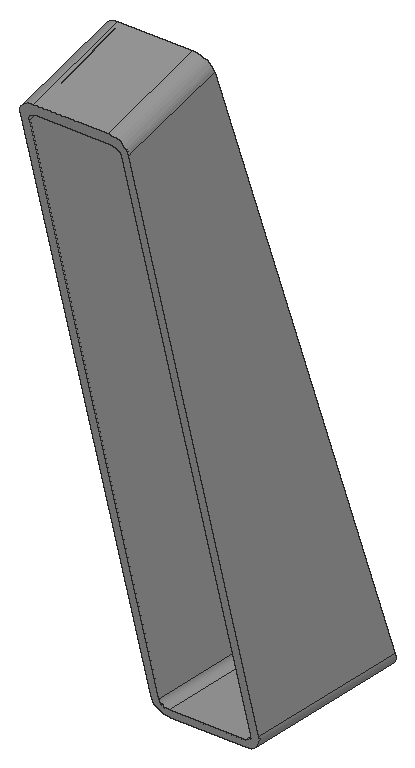
Revit family "Велопарковка «Воздух» Арт 15617", category Антураж, Revit 2018
Family settings
  На основе рабочей плоскости = Нет
  Всегда вертикально = Да
  При загрузке вырезать с полостями = Нет
  Источник визуального образа = Геометрия семейства
  Общий = Нет
  Точка расчета площади = Нет
Parameters (values of type "1 Секция")
  Ширина = 130 mm  # constant formula
  Цвет каркаса = Сталь
  Описание = "Велопарковка «Воздух»"  # constant formula
  Материал изделия = "Сталь"  # constant formula
  Изображение типоразмера = Велопарковка «Воздух» Арт 15617.jpg
  Изготовитель = "ООО «Хоббика»"  # constant formula
  Длина = 410 mm  # constant formula
  Группа модели = "Велопарковки"  # constant formula
  Высота = 780 mm  # constant formula
  Артикул товара = "Арт.15617"  # constant formula
  URL = "https://hobbyka.ru/product/veloparkovka_vozdukh/"
Reference planes
  plane 1 "По центру (Вперед/Назад)": y = 0
  plane 2: z = 0
  plane 3 "По центру (Влево/Вправо)": x = 0
  plane 4: x = 130
  plane 5: y = 410
  plane 6: z = 780
  plane 7 "1": through (0, 127.996, 259.849) normal (0, 0.9672, 0.2542)
Forms (mm)
  Extrusion 1, solid, material "Сталь" <- "Цвет каркаса"
    sketch origin (0, 0, 0) x (1, 0, 0) y (0, 1, 0)
      loop
        line (0, 410) -> (0, 0) -> (130, 0) -> (130, 410) -> (0, 410)
    from 0 to 780
  Extrusion 2, void
    sketch origin (0, 0, 0) x (0, 1, 0) y (0, 0, 1)
      loop
        line (410, 0) -> (410, 780) -> (126.103, 780) -> (410, 0)
      loop
        line (0, 746.857) -> (0, 0) -> (205, 0) -> (0, 746.857)
    from 0 to 130
  Extrusion 3, void
    sketch origin (0, 0, 0) x (0, 1, 0) y (0, 0, 1)
      loop
        line (126.103, 780) -> (0, 780) -> (0, 746.857) -> (126.103, 780)
    from 0 to 250
  Extrusion 4, void
    sketch origin (0, 0, 0) x (1, 0, 0) y (0, 0, 1)
      loop
        arc (20, 0) -> (5.858, 5.858) -> (0, 20) r 20
        line (0, 20) -> (0, 0) -> (20, 0)
      loop
        line (110, 0) -> (130, 0) -> (130, 20)
        arc (130, 20) -> (124.142, 5.858) -> (110, 0) r 20
    from -428.386 to -182.664
  Sweep 5, void
    path origin (0, 0, 0) x (0, 1, 0) y (0, 0, 1)
      loop
        line (0, 746.857) -> (174.088, 792.611)
    profile origin (0, 87.044, 769.734) x (0, -0.254188, 0.967155) y (1, 0, 0)
      loop
        line (0, 0) -> (0, 20)
        arc (0, 20) -> (-5.858, 5.858) -> (-20, 0) r 20
        line (-20, 0) -> (0, 0)
      loop
        line (0, 130) -> (-20, 130)
        arc (-20, 130) -> (-5.858, 124.142) -> (0, 110) r 20
        line (0, 110) -> (0, 130)
  Blend 6, void
    base sketch origin (0, 410, 0) x (0, 0.34202, -0.939693) y (1, 0, 0)
      loop
        arc (-21.093, 10.022) -> (-13.702, 12.532) -> (-9.982, 19.395) r 10.701
        line (-9.982, 19.395) -> (-9.982, 110.605)
        arc (-9.982, 110.605) -> (-13.702, 117.468) -> (-21.093, 119.978) r 10.701
        line (-21.093, 119.978) -> (-809.989, 119.978)
        arc (-809.989, 119.978) -> (-816.996, 117.159) -> (-820.052, 110.252) r 10.034
        line (-820.052, 110.252) -> (-820.052, 19.748)
        arc (-820.052, 19.748) -> (-816.996, 12.841) -> (-809.989, 10.022) r 10.034
        line (-809.989, 10.022) -> (-21.093, 10.022)
    top sketch origin (0, 410, 0) x (0, 0.34202, -0.939693) y (1, 0, 0)
      loop
        line (-90.426, 120) -> (-822.11, 120)
        spline (-822.11, 120) -> (-823.402, 119.915) -> (-824.673, 119.661) -> (-825.901, 119.243) -> (-827.064, 118.667) -> (-828.145, 117.943) -> (-829.123, 117.083) -> (-829.981, 116.1) -> (-830.706, 115.012) -> (-831.284, 113.838) -> (-831.703, 112.596) -> (-831.959, 111.309) -> (-832.045, 110)
        line (-832.045, 110) -> (-832.045, 20)
        spline (-832.045, 20) -> (-831.959, 18.691) -> (-831.703, 17.404) -> (-831.284, 16.162) -> (-830.706, 14.988) -> (-829.981, 13.9) -> (-829.123, 12.917) -> (-828.145, 12.057) -> (-827.064, 11.333) -> (-825.901, 10.757) -> (-824.673, 10.339) -> (-823.402, 10.085) -> (-822.11, 10)
        line (-822.11, 10) -> (-90.426, 10)
        spline (-90.426, 10) -> (-89.157, 10.079) -> (-87.907, 10.313) -> (-86.694, 10.7) -> (-85.537, 11.234) -> (-84.454, 11.907) -> (-83.459, 12.71) -> (-82.57, 13.63) -> (-81.8, 14.655) -> (-81.16, 15.767) -> (-80.661, 16.952) -> (-80.311, 18.19) -> (-80.114, 19.462)
        line (-80.114, 19.462) -> (-80.114, 110.538)
        spline (-80.114, 110.538) -> (-80.311, 111.81) -> (-80.661, 113.048) -> (-81.16, 114.233) -> (-81.8, 115.345) -> (-82.57, 116.37) -> (-83.459, 117.29) -> (-84.454, 118.093) -> (-85.537, 118.766) -> (-86.694, 119.3) -> (-87.907, 119.687) -> (-89.157, 119.921) -> (-90.426, 120)
    from 0 to 192.637
Cuts and joins
  Extrusion 2, Extrusion 3, Extrusion 4, Sweep 5, Blend 6 cuts Extrusion 1
Dimensions and locks
  "Длина": plane 5 to plane 1 "По центру (Вперед/Назад)"
  "Ширина": plane 3 "По центру (Влево/Вправо)" to plane 4
  "Высота": plane 6 to level
  plane 3 "По центру (Влево/Вправо)" to Extrusion 1 = 130 mm
  aligned and locked: level to plane 2
  aligned and locked: Extrusion 1 sketch curve to plane 5
  aligned and locked: plane 3 "По центру (Влево/Вправо)" to Extrusion 1 sketch curve
  aligned and locked: Extrusion 1 sketch curve to plane 1 "По центру (Вперед/Назад)"
  aligned and locked: Extrusion 1 sketch curve to plane 4
Automatic sketch dimensions
  Extrusion 2 sketch curve to level = 0 mm  (x2)
  Extrusion 2 sketch curve to plane 5 = 0 mm
  Extrusion 2 sketch curve to plane 6 = 33.143 mm
  Extrusion 2 sketch curve to Extrusion 2 sketch curve = 205 mm
  Extrusion 2 sketch curve to plane 1 "По центру (Вперед/Назад)" = 0 mm
  Extrusion 2 sketch curve to plane 6 = 0 mm
  Extrusion 2 sketch curve to plane 1 "По центру (Вперед/Назад)" = 126.103 mm
  Extrusion 3 sketch curve to plane 1 "По центру (Вперед/Назад)" = 0 mm
  Extrusion 3 sketch curve to plane 6 = 0 mm
  Extrusion 3 sketch curve to Extrusion 3 sketch curve = 126.103 mm
  Extrusion 3 sketch curve to Extrusion 3 sketch curve = 33.143 mm
  Sweep 5 sketch curve to plane 7 "1" = 0 mm
  plane 1 "По центру (Вперед/Назад)" to Sweep 5 sketch curve = 0 mm
  plane 6 to Sweep 5 sketch curve = 12.611 mm
  Sweep 5 sketch curve to plane 1 "По центру (Вперед/Назад)" = 174.088 mm
  Sweep 5 sketch curve to plane 3 "По центру (Влево/Вправо)" = 0 mm  (x2)
  Sweep 5 sketch curve to profile plane = 0 mm  (x2)
  plane 3 "По центру (Влево/Вправо)" to Sweep 5 sketch curve = 20 mm
  Sweep 5 sketch curve to Sweep 5 sketch curve = 20 mm
  Sweep 5 sketch curve to Sweep 5 sketch curve = 90 mm
  Sweep 5 sketch curve to Sweep 5 sketch curve = 0 mm  (x3)
  Extrusion 4 sketch curve to level = 0 mm  (x2)
  Extrusion 4 sketch curve to plane 3 "По центру (Влево/Вправо)" = 0 mm
  Extrusion 4 sketch curve to plane 4 = 0 mm
  level to Extrusion 4 sketch curve = 20 mm  (x2)
  Extrusion 2 to Blend 6 sketch curve = 10.007 mm
  Blend 6 sketch curve to Extrusion 2 = 10.022 mm  (x2)
  Extrusion 2 to Blend 6 sketch curve = 9.982 mm
  Extrusion 2 to Blend 6 sketch curve = 20.036 mm  (x2)
  Blend 6 sketch curve to Blend 6 sketch curve = 0.034 mm  (x2)
  Extrusion 2 to Blend 6 sketch curve = 21.093 mm  (x2)
  Extrusion 2 to Blend 6 sketch curve = 20.601 mm  (x2)
  Blend 6 sketch curve to Extrusion 2 = 19.395 mm
  Blend 6 sketch curve to Extrusion 2 = 19.748 mm
  Blend 6 sketch curve to Blend 6 sketch curve = 10.689 mm
  Blend 6 sketch curve to Blend 6 sketch curve = 10.033 mm
  Blend 6 sketch curve to Extrusion 2 = 1.986 mm
  Extrusion 2 to Blend 6 sketch curve = 7.949 mm  (x2)
  Blend 6 sketch curve to Extrusion 2 = 10 mm  (x2)
  Extrusion 2 to Blend 6 sketch curve = 90.426 mm  (x2)
  Blend 6 sketch curve to Blend 6 sketch curve = 10.311 mm
  Blend 6 sketch curve to Blend 6 sketch curve = 9.462 mm  (x2)
  Blend 6 sketch curve to Blend 6 sketch curve = 10 mm  (x2)
